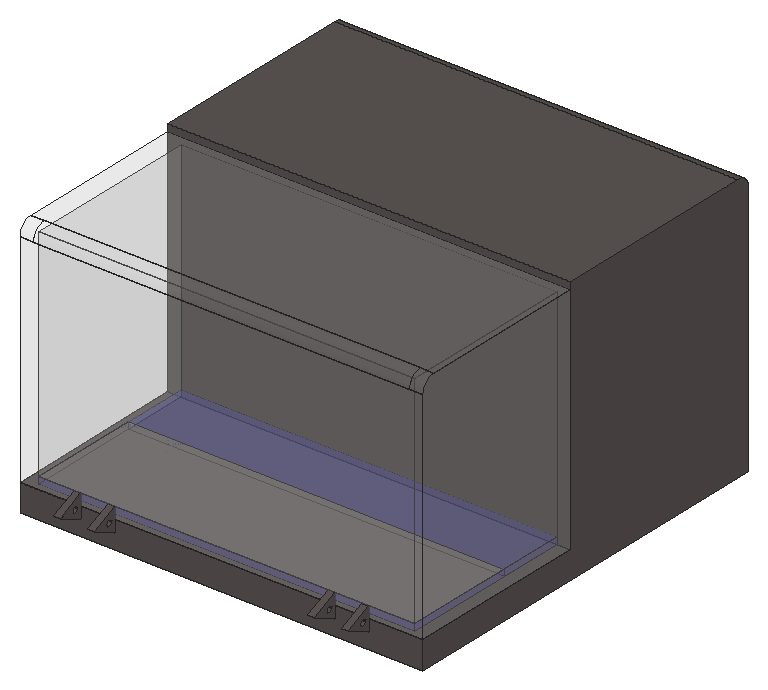
Revit family "PVL3", category Lighting Fixtures, host Face, Revit 2012
Parameters (values of type "PVL3")
  Wattage Comments = "70-250W"
  Wattage = 9.2903 W
  built-in parameter 1150110 = 1 (stored number, unit not read)
  URL = "http://www.hubbelloutdoor.com/"
  built-in parameter 1114217 = 1 (stored number, unit not read)
  built-in parameter 1150109 = 1 (stored number, unit not read)
  built-in parameter 1150134 = 3
  built-in parameter 1150113 = 1 (stored number, unit not read)
  Reflector Material = Reflector
  Product Page URL = "http://www.hubbelloutdoor.com/products/perimaliter_pgmpgl/"
  Product Documentation Link = "http://www.hubbelloutdoor.com/content/products/specs/specs_files/pgm3specsheet.pdf"
  Model = "PVL3"  # constant formula
  Manufacturer Phone = "(864)-678-1000"  # constant formula
  Manufacturer Fax = "(864)-678-1415"  # constant formula
  Manufacturer = "Hubbelloutdoor"  # constant formula
  built-in parameter 1150105 = 109.82 (stored number, unit not read)
  Lumens = 1380 lm
  built-in parameter 1150115 = 1 (stored number, unit not read)
  Light Source Symbol Size = 5"
  built-in parameter 1150137 = (empty or 0)
  built-in parameter 1150139 = (empty or 0)
  built-in parameter 1150112 = 1 (stored number, unit not read)
  built-in parameter 1150114 = 1 (stored number, unit not read)
  Lamp = "One"
  Opal lens = Etched Glass
  built-in parameter 1150132 = (empty or 0)
  built-in parameter 1150102 = (empty or 0)
  built-in parameter 1150107 = 3200 (stored number, unit not read)
  built-in parameter 1150138 = (empty or 0)
  built-in parameter 1150106 = 1.0982 (stored number, unit not read)
  built-in parameter 1150104 = 13.8 (stored number, unit not read)
  Dimming Lamp Color Temperature Shift = <None>
  Description = "Perimaliter PGM3"  # constant formula
  Default Elevation = 48"
  Finish = Bronze
  D = 6 13/16"
  Color Filter = 16777215
  C = 8"
  built-in parameter 1114218 = 1 (stored number, unit not read)
  B = 15"
  built-in parameter 1150133 = 10 (stored number, unit not read)
  A = 14 7/8"
Reference planes (in)
  plane 1 "Center (Front/Back)": y = 0
  plane 2: z = 0
  plane 3 "Center (Left/Right)": x = 0
  plane 4: z = 9.875
  plane 5: x = -7.4375
  plane 6: y = 7.5
  plane 7: y = -7.5
  plane 8: x = 7.4375
  plane 9: x = -6.9375
  plane 10: x = 6.9375
  plane 11: x = -5.4375
  plane 12: x = -5.1875
  plane 13: x = -4.6875
  plane 14: z = 9.60985
Forms (in)
  Extrusion 1, solid, material "Bronze" <- "Finish"
    sketch origin (0, 0, 0) x (0, 1, 0) y (0, 0, 1)
      loop
        line (-7.5, 0) -> (7.5, 0) -> (7.5, 9.375)
        arc (7.5, 9.375) -> (7.35355, 9.72855) -> (7, 9.875) r 0.5
        line (7, 9.875) -> (-0.6875, 9.875) -> (-0.6875, 1) -> (-7.5, 1) -> (-7.5, 0)
    from -7.4375 to 7.4375
  Extrusion 2, solid, material "Etched Glass" <- "Opal lens"
    sketch origin (0, 0, 0) x (0, 1, 0) y (0, 0, 1)
      loop
        line (-3.125, 1) -> (-3.125, 1.25) -> (-7.25, 1.25) -> (-7.25, 9.35985) -> (-0.6875, 9.35985) -> (-0.6875, 9.60985) -> (-7, 9.60985)
        arc (-7, 9.60985) -> (-7.35355, 9.4634) -> (-7.5, 9.10985) r 0.5
        line (-7.5, 9.10985) -> (-7.5, 1) -> (-3.125, 1)
    from -6.9375 to 6.9375
  Extrusion 3, solid, material "Etched Glass" <- "Opal lens"
    sketch origin (0, 0, 0) x (0, 1, 0) y (0, 0, 1)
      loop
        line (-0.6875, 9.60985) -> (-7, 9.60985)
        arc (-7, 9.60985) -> (-7.35355, 9.4634) -> (-7.5, 9.10985) r 0.5
        line (-7.5, 9.10985) -> (-7.5, 1) -> (-0.6875, 1) -> (-0.6875, 9.60985)
    from 6.9375 to 7.4375
  Extrusion 4, solid, material "Etched Glass" <- "Opal lens"
    sketch origin (0, 0, 0) x (0, 1, 0) y (0, 0, -1)
      loop
        line (-0.6875, -9.60985) -> (-0.6875, -1) -> (-7.5, -1) -> (-7.5, -9.10985)
        arc (-7.5, -9.10985) -> (-7.35355, -9.4634) -> (-7, -9.60985) r 0.5
        line (-7, -9.60985) -> (-0.6875, -9.60985)
    from 6.9375 to 7.4375
  Extrusion 5, solid, material "Bronze" <- "Finish"
    sketch origin (0, 0, -0.06651) x (0, 1, 0) y (0, 0, 1)
      loop
        line (-7.5, 1.49444) -> (-8.4543, 1.08357) -> (-7.5, 0.63857) -> (-7.5, 1.49444)
    from -5.4375 to -5.1875
  Extrusion 6, solid, material "Bronze" <- "Finish"
    sketch origin (-9.375, 0, -0.06651) x (0, 1, 0) y (0, 0, -1)
      loop
        line (-7.5, -1.49444) -> (-7.5, -0.63857) -> (-8.4543, -1.08357) -> (-7.5, -1.49444)
    from -5.4375 to -5.1875
  Extrusion 7, solid, material "Bronze" <- "Finish"
    sketch origin (9.375, 0, -0.06651) x (0, 1, 0) y (0, 0, 1)
      loop
        line (-7.5, 1.49444) -> (-8.4543, 1.08357) -> (-7.5, 0.63857) -> (-7.5, 1.49444)
    from -5.4375 to -5.1875
  Extrusion 8, solid, material "Bronze" <- "Finish"
    sketch origin (0, 0, -0.06651) x (0, 1, 0) y (0, 0, -1)
      loop
        line (-7.5, -1.49444) -> (-7.5, -0.63857) -> (-8.4543, -1.08357) -> (-7.5, -1.49444)
    from -5.4375 to -5.1875
  Extrusion 9, solid, material "Bronze" <- "Finish"
    sketch origin (0, 0, 0) x (1, 0, 0) y (0, 1, 0)
      loop
        line (-4.6875, 7.5) -> (-4.4375, 7.5) -> (-4.55494, 7.84841)
        arc (-4.55494, 7.84841) -> (-4.70077, 7.91096) -> (-4.82421, 7.81125) r 0.15373
        line (-4.82421, 7.81125) -> (-4.9375, 7.5) -> (-4.6875, 7.5)
      loop
        circle (-4.67662, 7.65971) r 0.09485
      loop
        line (4.6875, 7.5) -> (4.9375, 7.5) -> (4.82421, 7.81125)
        arc (4.82421, 7.81125) -> (4.70077, 7.91096) -> (4.55494, 7.84841) r 0.15373
        line (4.55494, 7.84841) -> (4.4375, 7.5) -> (4.6875, 7.5)
      loop
        circle (4.67662, 7.65971) r 0.09485
    from 0.76377 to 1.11622
  Extrusion 10, void
    sketch origin (0, 0, 0) x (0, -1, 0) y (0, 0, 1)
      loop
        circle (7.78553, 0.99358) r 0.12328
    from -5.4375 to 5.4375
  Extrusion 11, solid, material "Reflector" <- "Reflector Material"
    sketch origin (0, 0, 0) x (0, 1, 0) y (0, 0, 1)
      loop
        line (-0.6875, 1.25) -> (-7.25, 1.25) -> (-7.25, 1) -> (-0.6875, 1) -> (-0.6875, 1.25)
    from -6.9375 to 6.9375
Cuts and joins
  joined: Extrusion 2, Extrusion 3, Extrusion 4
  Extrusion 10 cuts Extrusion 5
  Extrusion 10 cuts Extrusion 6
  Extrusion 10 cuts Extrusion 7
  Extrusion 10 cuts Extrusion 8
Dimensions and locks (in)
  plane 4 to host face = 9 7/8"
  plane 3 "Center (Left/Right)" to plane 5 = 7 7/16"
  Extrusion 1 sketch curve to Extrusion 1 sketch curve to Extrusion 1 sketch curve = 8 7/8", 1" locked
  level to Extrusion 1 = 9 7/8"
  "B": plane 6 to plane 7
  "D": Extrusion 1 to plane 7
  Extrusion 2 sketch curve to Extrusion 2 sketch curve to Extrusion 2 sketch curve = 1/4" locked, 8.10985"
  locked: Extrusion 2 sketch curve to Extrusion 2 sketch curve at 0.25
  "A": plane 5 to plane 8
  locked: cut or joined group of Extrusion 2, Extrusion 3, Extrusion 4 to plane 11 at 2
  plane 1 "Center (Front/Back)" to Extrusion 4 = 7 1/2"
  Extrusion 4 sketch curve to Extrusion 4 sketch curve = 8.60985"
  aligned and locked: plane 2 to host face
  aligned and locked: level to host face
  aligned and locked: Extrusion 1 sketch curve to plane 4
  aligned and locked: Extrusion 1 sketch curve to plane 6
  aligned and locked: Extrusion 1 to plane 5
  aligned and locked: Extrusion 1 to plane 8
  aligned and locked: Extrusion 1 to Extrusion 3
  aligned and locked: Extrusion 4 to plane 5
  aligned and locked: Extrusion 2 to Extrusion 3  (x2)
  aligned and locked: plane 7 to Extrusion 1 sketch curve
  aligned and locked: Extrusion 1 sketch curve to plane 7
  aligned and locked: Extrusion 4 sketch curve to plane 7
  aligned and locked: Extrusion 4 to Extrusion 2  (x2)
  aligned and locked: Extrusion 4 to plane 9
  aligned and locked: Extrusion 3 to plane 10
  aligned and locked: plane 11 to Extrusion 5
  aligned and locked: Extrusion 5 to plane 12
  aligned and locked: plane 6 to Extrusion 1
  aligned and locked: plane 3 "Center (Left/Right)" to imposter light
  aligned and locked: Extrusion 8 to Extrusion 10
  aligned and locked: Extrusion 5 to Extrusion 10
  aligned and locked: Extrusion 2 to Extrusion 1
  aligned and locked: Extrusion 1 to host face
  aligned and locked: Extrusion 4 to Extrusion 1
  aligned and locked: cut or joined group of Extrusion 2, Extrusion 3, Extrusion 4 to Extrusion 1
  aligned and locked: Extrusion 4 sketch curve to Extrusion 1
  aligned and locked: Extrusion 3 sketch curve to cut or joined group of Extrusion 2, Extrusion 3, Extrusion 4
  aligned and locked: Extrusion 11 to Extrusion 1
Automatic sketch dimensions
  host sketch curve to host sketch curve = 96"  (x2)
  plane 1 "Center (Front/Back)" to Extrusion 1 sketch curve = 11/16"
  Extrusion 1 sketch curve to plane 6 = 1/2"
  Extrusion 2 sketch curve to plane 7 = 0"
  Extrusion 2 sketch curve to plane 7 = 1/4"
  Extrusion 2 sketch curve to Extrusion 2 sketch curve = 1/4"
  Extrusion 4 sketch curve to plane 7 = 1/2"
  plane 7 to Extrusion 5 sketch curve = 0.9543"
  level to Extrusion 5 sketch curve = 0.57207"
  level to Extrusion 5 sketch curve = 1.01706"
  Extrusion 5 sketch curve to Extrusion 5 sketch curve = 0.85587"
  Extrusion 6 sketch curve to plane 7 = 0"
  plane 7 to Extrusion 6 sketch curve = 0.9543"
  level to Extrusion 6 sketch curve = 1.42793"
  level to Extrusion 6 sketch curve = 1.01706"
  level to Extrusion 6 sketch curve = 0.57207"
  Extrusion 7 sketch curve to plane 7 = 0"
  plane 7 to Extrusion 7 sketch curve = 0.9543"
  level to Extrusion 7 sketch curve = 0.57207"
  level to Extrusion 7 sketch curve = 1.01706"
  Extrusion 7 sketch curve to Extrusion 7 sketch curve = 0.85587"
  Extrusion 8 sketch curve to plane 7 = 0"
  plane 7 to Extrusion 8 sketch curve = 0.9543"
  level to Extrusion 8 sketch curve = 1.42793"
  level to Extrusion 8 sketch curve = 1.01706"
  level to Extrusion 8 sketch curve = 0.57207"
  Extrusion 9 sketch curve to plane 6 = 0"  (x2)
  Extrusion 9 sketch curve to plane 13 = 0"
  Extrusion 9 sketch curve to plane 13 = 35/256"
  Extrusion 9 sketch curve to Extrusion 9 sketch curve = 1/4"  (x2)
  plane 13 to Extrusion 9 sketch curve = 0.00774"
  plane 13 to Extrusion 9 sketch curve = 0.01088"
  plane 13 to Extrusion 9 sketch curve = 0.13256"
  plane 13 to Extrusion 9 sketch curve = 1/4"
  Extrusion 9 sketch curve to plane 10 = 2 1/2"
  plane 6 to Extrusion 9 sketch curve = 0.34841"
  Extrusion 9 sketch curve to Extrusion 9 sketch curve = 0.11744"
  Extrusion 9 sketch curve to Extrusion 9 sketch curve = 0.12167"
  Extrusion 9 sketch curve to Extrusion 9 sketch curve = 0.00314"
  Extrusion 9 sketch curve to Extrusion 9 sketch curve = 0.01088"
  Extrusion 9 sketch curve to Extrusion 9 sketch curve = 0.14446"
  plane 6 to Extrusion 9 sketch curve = 0.15971"  (x2)
  Extrusion 9 sketch curve to Extrusion 9 sketch curve = 0.09896"  (x2)
  Extrusion 9 sketch curve to Extrusion 9 sketch curve = 0.05258"
  plane 7 to Extrusion 10 sketch curve = 0.28553"
  level to Extrusion 10 sketch curve = 0.99358"
  plane 1 "Center (Front/Back)" to Extrusion 2 sketch curve = 11/16"
  plane 1 "Center (Front/Back)" to Extrusion 2 sketch curve = 3 1/8"
  plane 1 "Center (Front/Back)" to Extrusion 4 sketch curve = 11/16"
  Extrusion 5 sketch curve to plane 7 = 0"
  Extrusion 11 sketch curve to plane 7 = 1/4"
  plane 1 "Center (Front/Back)" to Extrusion 11 sketch curve = 11/16"
  level to Extrusion 11 sketch curve = 1"
  Extrusion 11 sketch curve to Extrusion 11 sketch curve = 1/4"
  level to Extrusion 2 sketch curve = 1"
  Extrusion 3 sketch curve to plane 7 = 0"
  Extrusion 3 sketch curve to plane 4 = 0.26515"
  Extrusion 3 sketch curve to plane 7 = 1/2"
  level to Extrusion 3 sketch curve = 1"
  radius of Extrusion 9 sketch curve = 0.09485"  (x2)
  radius of Extrusion 10 sketch curve = 0.12328"
Connectors (in)
  electrical at (0, 0, 0), driven by "Description"
    settings: on Extrusion 1, index 1, voltage 0 V, apparent load 0 VA, apparent load phase1 0 VA, apparent load phase2 0 VA, apparent load phase3 0 VA, power factor 1, load classification "Other", number of poles 1, system type 30, power factor state 1, is connector primary yes, connector utility no, sub classification motor no, connector description "Perimaliter PGM3"
